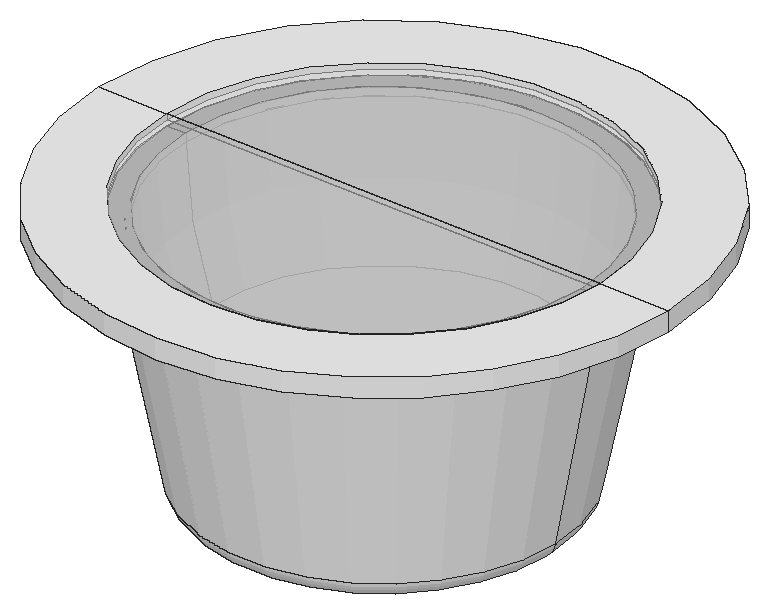
Revit family "2060568+2028034 Sylvania Lighting Fixture ASCENT 100 II ARCH 2700 4K DALI EMG 160 with IP44 Clear Glass", category Lighting Fixtures, host Face, Revit 2016
Family settings
  Host = Face
  Part Type = Normal
  Round Connector Dimension = Use Diameter
  OmniClass Number = 23.80.70.11.17
  OmniClass Title = Specialized Lighting by Location or Use
  Cut with Voids When Loaded = No
  Light Source = Yes
  Shared = No
  Room Calculation Point = No
Parameters (values of type "2060568+2028034 ASCT100 II ARCH 2700 4K DALI EMG 160 with IP44 Clear Glass")
  WidthBezelAcc_SYL = 25.0 mm
  Weight = "1.92 kg"
  Wattage = 23 W
  WarrantyStartDate [instance] = "n/a"
  WarrantyGuarantorParts = "n/a"
  WarrantyDurationUnit = "n/a"
  WarrantyDurationParts = "n/a"
  WarrantyDescription = "n/a"
  built-in parameter 1150110 = 1 (stored number, unit not read)
  Voltage = 0 V
  VisibilityAccessory_SYL = yes
  TypeName = "ASCENT 100 II ARCH 2700 4K DALI EMG 160"
  built-in parameter 1114217 = 1 (stored number, unit not read)
  Tilt Angle = -90°
  built-in parameter 1150109 = 1 (stored number, unit not read)
  built-in parameter 1150134 = 12
  built-in parameter 1150113 = 1 (stored number, unit not read)
  SerialNumber [instance] = "n/a"
  ReflectorRadius_SYL = Radius_SYL - 14.5 mm  # 80.0 mm
  RadiusAcc_SYL = 105.0 mm
  Radius_SYL = 94.5 mm
  URL = "http://www.sylvania-lighting.com"
  PowerFactor = 0
  PowerConsumption = "23 W"
  Photometric Web File = "2060568.ies"
  NominalWidth = 0.0 mm
  NominalLength = 0.0 mm
  NominalHeight = 94.0 mm
  Name = "ASCENT 100 II ARCH 2700 4K DALI EMG 160"
  ModelReference = "ASCENT 100 II ARCH 2700 4K DALI EMG 160"
  ModelNumber = "2060568+2028034"
  Material_4_SYL = none
  Material_3_SYL = Polycarbonate_Sylvania_Ascent_Clear
  Material_2_SYL = Aluminium_Sylvania_Ascent_Silver
  Material_1_SYL = Aluminum_Sylvania_Ascent_White
  Material = "aluminium housing, arcylic diffuser"
  ManufacturerName = "Feilo Sylvania"
  LuminousEfficacy = "120 lm/W"
  built-in parameter 1150105 = 219.63 (stored number, unit not read)
  Lumens = 2760 lm
  LuminaireType = ""
  built-in parameter 1150115 = 1 (stored number, unit not read)
  LightOutputRatio = "100"
  built-in parameter 1150137 = (empty or 0)
  built-in parameter 1150139 = (empty or 0)
  LampsType = Lamp  # "LED"
  LampNominalLuminous = "2767 lm"
  LampMacAdamStep = "3"
  LampColourTemperature = "4000 K"
  LampColourRenderingIndex = "80"
  built-in parameter 1150112 = 1 (stored number, unit not read)
  built-in parameter 1150114 = 1 (stored number, unit not read)
  Keynote = "16500"
  InstallationDate [instance] = "n/a"
  InputVoltage = "n/a"
  InputNominalFrequency = "n/a"
  built-in parameter 1150132 = (empty or 0)
  built-in parameter 1150102 = (empty or 0)
  built-in parameter 1150107 = 4000 (stored number, unit not read)
  built-in parameter 1150138 = (empty or 0)
  IngressProtection = "IP44"
  ImpactProtectionIndex = "IK02"
  built-in parameter 1150106 = 2.1963 (stored number, unit not read)
  IfcExportType = "IfcLightFixtureType"
  IfcExportAs = "IfcLightFixtureType"
  Height_SYL = 94.0 mm
  HeightAcc_SYL = 7.0 mm
  ExpectedLife = 50000
  EmittionSurface_SYL = if(VisibilityAccessory_SYL, 7.0 mm, 3.0 mm)  # 7.0 mm
  Emit from Circle Diameter = DiffuserRadius_SYL * 2  # 146.0 mm
  Emit Shape Visible in Rendering = no
  ElectricShockClassification = "Class II"
  built-in parameter 1150104 = 11.148 (stored number, unit not read)
  DurationUnit = "hours"
  DocumentationLiterature = "http://www.sylvania-lighting.com/product/en-int/products/2060568"
  DimmingControlOptions = "n/a"
  Dimming Lamp Color Temperature Shift = <None>
  DiffuserRadius_SYL = ReflectorRadius_SYL - 7.0 mm  # 73.0 mm
  Diameter_SYL = 2 * Radius_SYL  # 189.0 mm
  CutoutDiameter_SYL = Diameter_SYL - 13.0 mm  # 176.0 mm
  CreatedOn = "9/17/2018"
  CreatedBy = "@sylvania-lighting.com"
  Color Filter = 16777215
  built-in parameter 1114216 [instance] = 1 (stored number, unit not read)
  Model = "ASCENT 100 II ARCH 2700 4K DALI EMG 160"
  Manufacturer = "Feilo Sylvania"
  Lamp = "LED"
  Description = "Direct LED retro fit for original LED 100 Arch (160) single CFL lamp offering Matching lumen levels and improved light distribution of original LED 100 CFL lamp equivalents Typically half the power consumption compared to CFL Up to 112lm/W 160mm aperture Architectural reflector accepts range of glass accessories from existing LED 100 Arch 160 offering HE, HO and VHO versions equivalent of single 1 x 18W, 1 x 32W, 1 x 42W\r\n Additional VVHO versions which offer the performance circa 2 x 32W equivalent"  # constant formula
  Default Elevation = 0.0 mm
  built-in parameter 1140040 [instance] = 1
  BarCode [instance] = "n/a"
  built-in parameter 1114218 = 1 (stored number, unit not read)
  built-in parameter 1150133 = 10 (stored number, unit not read)
  AssetType = "Fixed"
  AssetIdentifier [instance] = "n/a"
  Assembly Code = "D5020200"
  Apparent Load = 23 VA
  Aperture_SYL = 2 * ReflectorRadius_SYL  # 160.0 mm
Types (2, lengths in mm): name | Wattage | TypeName | Photometric Web File | Name | ModelReference | built-in parameter 1150105 | Lumens | built-in parameter 1150106 | Model | Apparent Load
  2060568+2028034 ASCT100 II ARCH 2700 4K DALI EMG 160 with IP44 Clear Glass | 23 W | "ASCENT 100 II ARCH 2700 4K DALI EMG 160" | "2060568.ies" | "ASCENT 100 II ARCH 2700 4K DALI EMG 160" | "ASCENT 100 II ARCH 2700 4K DALI EMG 160" | 219.63 (stored number, unit not read) | 2760 lm | 2.1963 (stored number, unit not read) | "ASCENT 100 II ARCH 2700 4K DALI EMG 160" | 23 VA
  2060568+2028034 ASCT100 II ARCH 2700 4K DALI EMG 160 with IP44 Clear Glass Emergency mode | 1.58333 W | "ASCT100 II ARCH 2700 4K DALI EMG 160 with IP44 Clear Glass Emergency mode" | "2060568EM.ies" | "ASCT100 II ARCH 2700 4K DALI EMG 160 with IP44 Clear Glass Emergency mode" | "ASCT100 II ARCH 2700 4K DALI EMG 160 with IP44 Clear Glass Emergency mode" | 15.12 (stored number, unit not read) | 190 lm | 0.1512 (stored number, unit not read) | "ASCT100 II ARCH 2700 4K DALI EMG 160 with IP44 Clear Glass Emergency mode" | 1.58333 VA
Reference planes
  plane 1 "Center (Front/Back)": y = 0
  plane 2: z = 0
  plane 3 "Center (Left/Right)": x = 0
  plane 4 "Fixture Bottom": z = 3
  plane 5: z = -52.5
  plane 6 "Fixture Top": z = -91
  plane 7: x = -105
  plane 8: z = 7
  plane 9: x = -80
  plane 10: z = 5
  plane 11: x = -103
Forms (mm)
  Extrusion 1, solid, material "Aluminum_Sylvania_Ascent_White", detail levels fine
    sketch origin (0, 0, 0) x (1, 0, 0) y (0, 1, 0)
      loop
        circle (0, 0) r 94.5
      loop
        circle (0, 0) r 80
    from 0 to 3
  Extrusion 2, void
    sketch origin (0, 0, 0) x (1, 0, 0) y (0, 1, 0)
      loop
        circle (0, 0) r 88
    from -91 to 3
  Revolve 3, solid, material "Aluminum_Sylvania_Ascent_White" <- "Material_1_SYL", detail levels fine
    sketch origin (0, 0, 0) x (1, 0, 0) y (0, 0, 1)
      loop
        line (0, -91.073) -> (0, -89.023) -> (-55.468, -89.014)
        arc (-55.468, -89.014) -> (-59.352, -87.613) -> (-61.54, -84.139) r 6.307
        line (-61.54, -84.139) -> (-77.991, -2.844) -> (-77.991, 0) -> (-80, 0) -> (-80, -3) -> (-63.5, -84.536)
        arc (-63.5, -84.536) -> (-60.643, -89.203) -> (-55.5, -91.073) r 8.291
        line (-55.5, -91.073) -> (0, -91.073)
      axis (0, 0) -> (0, -91.073)
    angle from 0 to 360
  Revolve 4, solid, material "Aluminium_Sylvania_Ascent_Silver" <- "Material_2_SYL", detail levels fine
    sketch origin (0, 0, 0) x (1, 0, 0) y (0, 0, 1)
      loop
        line (-80, 3) -> (-80, 0) -> (-75, 0)
        arc (-75, 0) -> (-72.349, -26.77) -> (-64.5, -52.5) r 136.5
        line (-64.5, -52.5) -> (-58, -52.5)
        arc (-58, -52.5) -> (-56.857, -61.521) -> (-53.5, -69.971) r 36.166
        line (-53.5, -69.971) -> (0, -69.971) -> (0, -50.5) -> (-63.16, -50.5)
        arc (-63.16, -50.5) -> (-70.517, -25.725) -> (-73, 0) r 134.5
        line (-73, 0) -> (-73, 3) -> (-80, 3)
      axis (0, 3) -> (0, -69.971)
    angle from 0 to 360
  Extrusion 5, solid, material "Polycarbonate_Sylvania_Ascent_Clear" <- "Material_3_SYL", detail levels fine
    sketch origin (0, 0, 0) x (1, 0, 0) y (0, 1, 0)
      loop
        circle (0, 0) r 73
    from 0 to 3
  Revolve 6, solid, material "Aluminum_Sylvania_Ascent_White" <- "Material_1_SYL", detail levels coarse+medium
    sketch origin (0, 0, 0) x (1, 0, 0) y (0, 0, 1)
      loop
        line (0, -91.073) -> (0, 3) -> (-94.5, 3) -> (-94.5, 0) -> (-79.5, 0) -> (-79.5, -3) -> (-63, -84.536)
        arc (-63, -84.536) -> (-60.143, -89.203) -> (-55, -91.073) r 8.291
        line (-55, -91.073) -> (0, -91.073)
      axis (0, 3) -> (0, -91.073)
    angle from 0 to 360
  Revolve 7, solid, material "Aluminum_Sylvania_Ascent_White" <- "Material_1_SYL", visible <- "VisibilityAccessory_SYL"
    sketch origin (0, 0, 0) x (1, 0, 0) y (0, 0, 1)
      loop
        line (-105, 0) -> (-103, 0) -> (-103, 5) -> (-80, 5) -> (-80, 7) -> (-105, 7) -> (-105, 0)
      axis (0, 7) -> (0, 0)
    angle from 0 to 360
  Revolve 8, solid, material "Polycarbonate_Sylvania_Ascent_Clear" <- "Material_3_SYL", visible <- "VisibilityAccessory_SYL"
    sketch origin (0, 0, 0) x (1, 0, 0) y (0, 0, 1)
      loop
        line (-80, 7) -> (-80, 5) -> (0, 5) -> (0, 7) -> (-80, 7)
      axis (0, 7) -> (0, 5)
    angle from 0 to 360
Lines and regions (mm)
  reference lines
    curve 1: line (-150, 0, 7) -> (125, 0, 7)
Dimensions and locks
  locked: plane 4 "Fixture Bottom" to plane 2 at 3
  "Height_SYL": plane 4 "Fixture Bottom" to plane 6 "Fixture Top"
  "ReflectorRadius_SYL": plane 3 "Center (Left/Right)" to Revolve 4 sketch curve
  locked: Revolve 4 sketch curve to Revolve 4 sketch curve at 15.5
  locked: Revolve 4 sketch curve to Revolve 4 sketch curve at 5
  locked: Revolve 4 sketch curve to Revolve 4 sketch curve at 7
  locked: Revolve 4 sketch curve to Revolve 4 sketch curve at 22
  locked: Revolve 4 sketch curve to Revolve 4 sketch curve at 26.5
  locked: Revolve 3 sketch curve to Revolve 3 sketch curve at 16.5
  locked: Revolve 3 sketch curve to Revolve 3 sketch curve at 24.5
  "ReflectorRadius_SYL": Revolve 3 sketch curve to plane 3 "Center (Left/Right)"
  locked: Revolve 3 sketch curve to plane 6 "Fixture Top" at 6.464
  locked: plane 2 to Revolve 3 sketch curve at 3
  locked: Revolve 3 sketch curve to Revolve 3 sketch curve at 2
  locked: Revolve 3 sketch curve to Revolve 3 sketch curve at 2.009
  locked: plane 2 to plane 5 at 52.5
  locked: Revolve 6 sketch curve to Revolve 6 sketch curve at 31.5
  locked: Revolve 6 sketch curve to Revolve 6 sketch curve at 39.5
  locked: Revolve 6 sketch curve to Revolve 6 sketch curve at 15
  "Radius_SYL": plane 3 "Center (Left/Right)" to Revolve 6 sketch curve
  "RadiusAcc_SYL": plane 3 "Center (Left/Right)" to plane 7
  "HeightAcc_SYL": plane 8 to level
  "WidthBezelAcc_SYL": plane 7 to plane 9
  locked: plane 7 to plane 11 at 2
  locked: plane 8 to plane 10 at 2
  "EmittionSurface_SYL": curve 1 to level
  "CutoutDiameter_SYL": diameter of Extrusion 2 sketch curve
  "ReflectorRadius_SYL": radius of Extrusion 1 sketch curve
  "DiffuserRadius_SYL": radius of Extrusion 5 sketch curve
  "Radius_SYL": radius of Extrusion 1 sketch curve
  aligned and locked: host face to plane 2
  aligned and locked: host face to level
  aligned and locked: plane 4 "Fixture Bottom" to Extrusion 1
  aligned and locked: Extrusion 1 to plane 2
  aligned and locked: Revolve 3 sketch curve to plane 3 "Center (Left/Right)"
  aligned and locked: Revolve 4 sketch curve to plane 3 "Center (Left/Right)"  (x2)
  aligned and locked: plane 4 "Fixture Bottom" to Revolve 4 sketch curve
  aligned and locked: Extrusion 5 to plane 2
  aligned and locked: plane 2 to Revolve 3 sketch curve  (x2)
  aligned and locked: Revolve 6 sketch curve to plane 3 "Center (Left/Right)"
  aligned and locked: plane 6 "Fixture Top" to Extrusion 2
  aligned and locked: Revolve 7 sketch curve to plane 3 "Center (Left/Right)"
  aligned and locked: host face to Revolve 7 sketch curve  (x2)
  aligned and locked: Revolve 7 sketch curve to plane 7
  aligned and locked: plane 8 to Revolve 7 sketch curve
  aligned and locked: plane 9 to Revolve 7 sketch curve
  aligned and locked: Revolve 7 sketch curve to plane 10
  aligned and locked: plane 11 to Revolve 7 sketch curve
  aligned and locked: Revolve 7 to Revolve 8 sketch curve
  aligned and locked: Revolve 8 sketch curve to Revolve 7  (x2)
  aligned and locked: Revolve 8 sketch curve to plane 3 "Center (Left/Right)"  (x2)
  aligned and locked: plane 3 "Center (Left/Right)" to imposter light
  aligned and locked: imposter light to plane 1 "Center (Front/Back)"
  aligned and locked: imposter light to curve 1
Automatic sketch dimensions
  plane 1 "Center (Front/Back)" to Extrusion 2 sketch curve = 0.0 mm
  Extrusion 2 sketch curve to plane 3 "Center (Left/Right)" = 0.0 mm
  Extrusion 1 sketch curve to Extrusion 1 sketch curve = 0.0 mm  (x2)
  plane 1 "Center (Front/Back)" to Extrusion 1 sketch curve = 0.0 mm
  Extrusion 1 sketch curve to plane 3 "Center (Left/Right)" = 0.0 mm
  plane 6 "Fixture Top" to Revolve 3 sketch curve = 0.073 mm
  Revolve 3 sketch curve to plane 6 "Fixture Top" = 6.861 mm
  Revolve 3 sketch curve to Revolve 3 sketch curve = 0.003 mm
  Revolve 3 sketch curve to Revolve 3 sketch curve = 0.009 mm  (x2)
  Revolve 3 sketch curve to Revolve 3 sketch curve = 0.023 mm
  Revolve 3 sketch curve to Revolve 3 sketch curve = 0.072 mm
  Revolve 3 sketch curve to Revolve 3 sketch curve = 0.008 mm
  Revolve 3 sketch curve to plane 6 "Fixture Top" = 1.977 mm
  Revolve 3 sketch curve to Revolve 3 sketch curve = 33.496 mm
  Revolve 3 sketch curve to Revolve 3 sketch curve = 0.028 mm
  plane 4 "Fixture Bottom" to Revolve 3 sketch curve = 82.431 mm
  Revolve 4 sketch curve to Revolve 4 sketch curve = 0.0 mm  (x2)
  Revolve 4 sketch curve to plane 5 = 0.0 mm
  Revolve 4 sketch curve to level = 0.0 mm
  plane 5 to Revolve 4 sketch curve = 2.0 mm
  plane 4 "Fixture Bottom" to Revolve 4 sketch curve = 9.642 mm
  plane 1 "Center (Front/Back)" to Extrusion 5 sketch curve = 0.0 mm
  Extrusion 5 sketch curve to plane 3 "Center (Left/Right)" = 0.0 mm
  Revolve 4 sketch curve to level = 69.971 mm
  Revolve 4 sketch curve to Revolve 4 sketch curve = 2.387 mm
  Revolve 6 sketch curve to level = 0.0 mm
  Revolve 6 sketch curve to plane 3 "Center (Left/Right)" = 0.0 mm
  Revolve 6 sketch curve to Revolve 6 sketch curve = 8.104 mm
  Revolve 6 sketch curve to level = 3.0 mm
  Revolve 6 sketch curve to plane 6 "Fixture Top" = 6.464 mm
  plane 6 "Fixture Top" to Revolve 6 sketch curve = 0.073 mm
  Revolve 6 sketch curve to Revolve 6 sketch curve = 33.496 mm
  plane 4 "Fixture Bottom" to Revolve 6 sketch curve = 82.431 mm
  host sketch curve to host sketch curve = 1704.996 mm
  host sketch curve to host sketch curve = 1500.0 mm
  plane 6 "Fixture Top" to Revolve 7 sketch curve = 281.274 mm
  Revolve 7 sketch curve to plane 8 = 1140.706 mm
  plane 6 "Fixture Top" to Revolve 8 sketch curve = 281.274 mm
  Revolve 8 sketch curve to Revolve 8 sketch curve = 1140.706 mm
  Revolve 3 sketch curve to plane 3 "Center (Left/Right)" = 0.0 mm
  Revolve 6 sketch curve to plane 4 "Fixture Bottom" = 0.0 mm
  plane 7 to curve 1 = 45.0 mm
  plane 3 "Center (Left/Right)" to curve 1 = 125.0 mm
Connectors
  electrical at (0, 0, -91.073), driven by "Apparent Load"
    settings: on Revolve 3, index 1, voltage 240 V, apparent load 0 VA, apparent load phase1 23 VA, apparent load phase2 0 VA, apparent load phase3 0 VA, power factor 1, load classification "Lighting", number of poles 1, system type 31, power factor state 1, is connector primary yes, connector utility no, sub classification motor no, connector description ""
